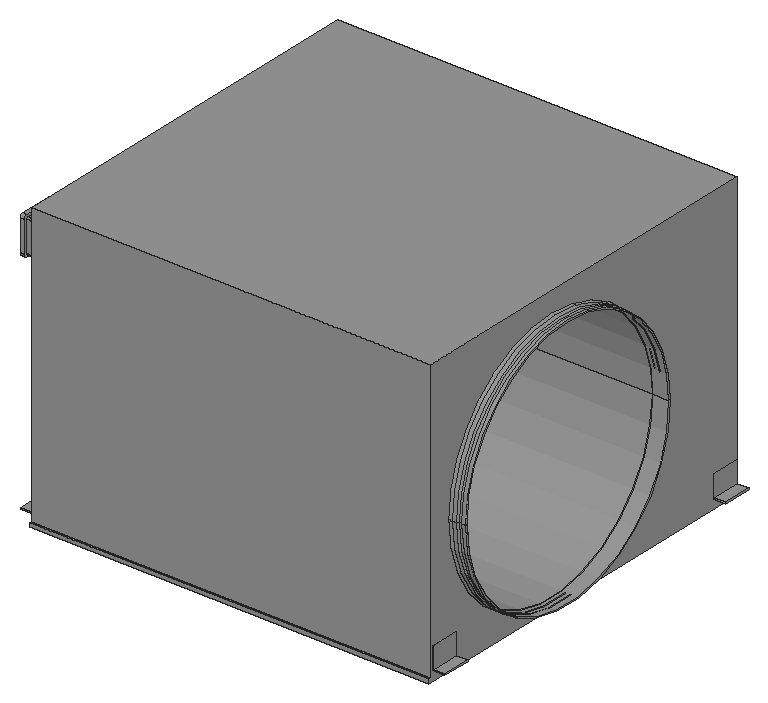
Revit family "IRE 630 D3 ErP AC", category Mechanical Equipment, Revit 2014
Parameters (values of type "IRE 630 D3 ErP AC")
  Wiring diagram = "Y 4040004 / Δ 4040003"
  Width = 1067 mm
  Weight = 115.00 kg
  Voltage range = "380-415 V"
  Voltage = 400 V
  Speed = "870 rpm"
  Sound pressure level at 3 m = "51 dB(A)"
  Power = 4000 W
  Phase = 3
  Max. temperature of transported air when speed controlled = 50 °C
  Max. temperature of transported air = 60 °C
  Main Material = Steel, Galvanized
  Height = 703 mm
  Frequency = 50 Hz
  Elevation [instance] = 2600 mm
  Diameter = 630 mm
  Description = "Insulated duct fans with circular connections"
  Depth = 955 mm
  Current = 7 A
  Capacitor = "- μF"
Reference planes
  plane 1 "Center (Front/Back)": y = 0
  plane 2: z = 0
  plane 3 "Center (Left/Right)": x = 0
  plane 4: z = 2600
Dimensions and locks
  "Elevation": plane 4 to plane 2
  aligned and locked: level to plane 2
  aligned and locked: nested 1 to plane 4
  aligned and locked: plane 3 "Center (Left/Right)" to nested 1
  aligned and locked: plane 1 "Center (Front/Back)" to nested 1
  aligned and locked: nested 1 to nested 2  (x2)
Nested families
  nested 1: "IRE" at (0, 0, 2600), type "IRE"
  nested 2: "Flow direction symbol" at (0, 0, 0), type "Flow direction symbol"
Connectors
  hvac at (-533.5, -101.5, 2937), driven by "Diameter"
    settings: on nested 1, index 1, duct flow 0.0 L/s, flow factor 0, pres drop 0.0 Pa, loss coef 0, conn angle 0.00°, conn width 304.8 mm, conn height 304.8 mm, conn diameter 630 mm, duct sys type 1, conn prof type 0, flow config 0, flow direction 1, loss method 0, conn ref index -1, conn util no, is conn primary yes, conn desc ""
  electrical at (-533.5, -408, 3219.5), driven by "Phase", driven by "Voltage", driven by "Power"
    settings: on nested 1, index 2, voltage 400 V, apparent load 0 VA, apparent load phase1 4000 VA, apparent load phase2 0 VA, apparent load phase3 0 VA, power factor 1, load classification "HVAC", number of poles 3, system type 31, power factor state 1, is connector primary yes, connector utility no, sub classification motor no, connector description ""
  hvac at (533.5, -101.5, 2937), driven by "Diameter"
    settings: on nested 1, index 3, duct flow 0.0 L/s, flow factor 0, pres drop 0.0 Pa, loss coef 0, conn angle 0.00°, conn width 304.8 mm, conn height 304.8 mm, conn diameter 630 mm, duct sys type 3, conn prof type 0, flow config 0, flow direction 2, loss method 0, conn ref index -1, conn util no, is conn primary no, conn desc ""
Definition of nested family "IRE"
  Parameters (values of type "IRE")
    Width = 1067 mm
    Main Material = Steel, Galvanized
    Height = 703 mm
    Description = ""
    Depth = 955 mm
  Reference planes
    plane 1 "Center (Front/Back)": y = 0
    plane 2: z = 0
    plane 3 "Center (Left/Right)": x = 0
    plane 4: z = 703
    plane 5 "Horizontal Pipe Axis": z = 337
    plane 6: z = 10
    plane 7: z = 693
    plane 8: x = -492
    plane 9: x = 492
    plane 10: x = -533.5
    plane 11: x = 533.5
    plane 12: y = 477.5
    plane 13: y = -477.5
    plane 14 "Vertical Pipe Axis": y = -101.5
    plane 15: x = -523.5
  Forms (mm)
    Extrusion 1, solid, material "Steel, Galvanized" <- "Main Material", detail levels medium+fine
      sketch origin (0, 0, 0) x (0, 1, 0) y (0, 0, 1)
        loop
          line (-477.5, 0) -> (477.5, 0) -> (477.5, 10) -> (472.5, 10) -> (472.5, 11) -> (472.5, 703) -> (-472.5, 703) -> (-472.5, 10) -> (-477.5, 10) -> (-477.5, 0)
      from -492 to 492
    Extrusion 2, void
      sketch origin (0, 0, 0) x (0, 1, 0) y (0, 0, 1)
        loop
          circle (-101.5, 337) r 312.5
      from -809.837 to 685.981
    Extrusion 3, solid, material "Steel, Galvanized" <- "Main Material", detail levels coarse
      sketch origin (0, 0, 0) x (0, 1, 0) y (0, 0, 1)
        loop
          circle (-101.5, 337) r 315
      from 492 to 533.5
    Extrusion 4, solid, material "Steel, Galvanized" <- "Main Material", detail levels coarse
      sketch origin (0, 0, 0) x (0, 1, 0) y (0, 0, -1)
        loop
          circle (-101.5, -337) r 315
      from 492 to 533.5
    Revolve 5, solid, material "Steel, Galvanized" <- "Main Material", detail levels medium+fine
      sketch origin (0, 0, 337) x (-1, 0, 0) y (0, -1, 0)
        loop
          line (533.5, 101.5) -> (492, 101.5) -> (492, -214.125)
          arc (492, -214.125) -> (496.25, -216.125) -> (500.5, -214.125) r 5.516
          line (500.5, -214.125) -> (512.875, -214.125) -> (515.5, -211.5) -> (525.5, -211.5) -> (525.5, -213.5) -> (533.5, -213.5) -> (533.5, 101.5)
        axis (492, 101.5) -> (533.5, 101.5)
      angle from 0 to 360
    Extrusion 6, solid, material "Steel, Galvanized" <- "Main Material", detail levels coarse
      sketch origin (0, 0, 0) x (0, 1, 0) y (0, 0, 1)
        loop
          line (477.5, 703) -> (-477.5, 703) -> (-477.5, 0) -> (477.5, 0) -> (477.5, 703)
      from -492 to 492
    Sweep 7, solid, material "Plastic, Opaque White", detail levels medium+fine
      path origin (0, 0, 0) x (1, 0, 0) y (0, 1, 0)
        loop
          line (-523.5, 467.5) -> (-533.5, 467.5)
      profile origin (-528.5, 467.5, 0) x (0, -1, 0) y (0, 0, 1)
        loop
          arc (837.073, 666) -> (831.365, 663.635) -> (829, 657.927) r 8.073
          line (829, 657.927) -> (829, 581.073)
          arc (829, 581.073) -> (831.365, 575.365) -> (837.073, 573) r 8.073
          line (837.073, 573) -> (913.927, 573)
          arc (913.927, 573) -> (919.635, 575.365) -> (922, 581.073) r 8.073
          line (922, 581.073) -> (922, 657.927)
          arc (922, 657.927) -> (919.635, 663.635) -> (913.927, 666) r 8.073
          line (913.927, 666) -> (837.073, 666)
    Sweep 8, solid, material "Plastic, Opaque White", detail levels medium+fine
      path origin (0, 0, 0) x (1, 0, 0) y (0, 1, 0)
        loop
          line (-523.5, 426) -> (-492, 426)
      profile origin (-507.75, 426, 0) x (0, 1, 0) y (0, 0, 1)
        loop
          line (-795.573, 661) -> (-872.427, 661)
          arc (-872.427, 661) -> (-874.6, 660.1) -> (-875.5, 657.927) r 3.073
          line (-875.5, 657.927) -> (-875.5, 581.073)
          arc (-875.5, 581.073) -> (-874.6, 578.9) -> (-872.427, 578) r 3.073
          line (-872.427, 578) -> (-795.573, 578)
          arc (-795.573, 578) -> (-793.4, 578.9) -> (-792.5, 581.073) r 3.073
          line (-792.5, 581.073) -> (-792.5, 657.927)
          arc (-792.5, 657.927) -> (-793.4, 660.1) -> (-795.573, 661) r 3.073
    Revolve 9, solid, material "Steel, Galvanized" <- "Main Material", detail levels medium+fine
      sketch origin (0, 0, 337) x (1, 0, 0) y (0, -1, 0)
        loop
          line (533.5, 101.5) -> (492, 101.5) -> (492, -214.125)
          arc (492, -214.125) -> (496.25, -216.125) -> (500.5, -214.125) r 5.516
          line (500.5, -214.125) -> (512.875, -214.125) -> (515.5, -211.5) -> (525.5, -211.5) -> (525.5, -213.5) -> (533.5, -213.5) -> (533.5, 101.5)
        axis (492, 101.5) -> (533.5, 101.5)
      angle from 0 to 360
    Sweep 10, solid, material "Steel, Galvanized" <- "Main Material", detail levels medium+fine
      path origin (-492, 466.36, 1200) x (0, 1, 0) y (0, 0, 1)
        loop
          line (1.14, -1190) -> (-68.86, -1190)
      profile origin (-492, 432.5, 10) x (0, 0, -1) y (1, 0, 0)
        loop
          line (-15, -31.5) -> (-15, 0) -> (-70, 0) -> (-70, -3) -> (-18, -3) -> (-18, -31.5) -> (-15, -31.5)
    Sweep 11, solid, material "Steel, Galvanized" <- "Main Material", detail levels medium+fine
      path origin (-492, -466.36, 1200) x (0, -1, 0) y (0, 0, -1)
        loop
          line (1.14, 1190) -> (-68.86, 1190)
      profile origin (-492, -432.5, 10) x (0, 0, 1) y (1, 0, 0)
        loop
          line (15, -31.5) -> (18, -31.5) -> (18, -3) -> (70, -3) -> (70, 0) -> (15, 0) -> (15, -31.5)
    Sweep 12, solid, material "Steel, Galvanized" <- "Main Material", detail levels medium+fine
      path origin (492, 466.36, 1200) x (0, 1, 0) y (0, 0, 1)
        loop
          line (1.14, -1190) -> (-68.86, -1190)
      profile origin (492, 432.5, 10) x (0, 0, 1) y (-1, 0, 0)
        loop
          line (15, -31.5) -> (18, -31.5) -> (18, -3) -> (70, -3) -> (70, 0) -> (15, 0) -> (15, -31.5)
    Sweep 13, solid, material "Steel, Galvanized" <- "Main Material", detail levels medium+fine
      path origin (492, 466.36, 1200) x (0, 1, 0) y (0, 0, 1)
        loop
          line (-933.86, -1190) -> (-863.86, -1190)
      profile origin (492, -432.5, 10) x (0, 0, -1) y (-1, 0, 0)
        loop
          line (-15, -31.5) -> (-15, 0) -> (-70, 0) -> (-70, -3) -> (-18, -3) -> (-18, -31.5) -> (-15, -31.5)
  Cuts and joins
    Extrusion 2 cuts Extrusion 1
    joined: Sweep 7, Sweep 8
    Extrusion 2 cuts Revolve 5
    Extrusion 2 cuts Revolve 9
  Dimensions and locks
    equal spacing: plane 10, plane 3 "Center (Left/Right)", plane 11
    "Width": plane 10 to plane 11
    "Height": plane 4 to level
    locked: plane 4 to plane 7 at 10
    locked: plane 10 to plane 15 at 10
    locked: plane 10 to plane 8 at 41.5
    locked: plane 9 to plane 11 at 41.5
    "Depth": plane 13 to plane 12
    locked: plane 14 "Vertical Pipe Axis" to Revolve 5 sketch curve at 315
    locked: plane 14 "Vertical Pipe Axis" to Revolve 5 sketch curve at 313
    plane 14 "Vertical Pipe Axis" to Revolve 5 sketch curve = 315.625 mm
    locked: Revolve 9 sketch curve to plane 14 "Vertical Pipe Axis" at 315.625
    locked: Revolve 9 sketch curve to plane 14 "Vertical Pipe Axis" at 313
    locked: Revolve 9 sketch curve to plane 14 "Vertical Pipe Axis" at 315
    plane 12 to Sweep 10 sketch curve to Sweep 10 sketch curve = 10 mm locked, 70 mm locked
    equal spacing: plane 13, plane 1 "Center (Front/Back)", plane 12
    locked: Sweep 11 sketch curve to Sweep 11 sketch curve at 70
    locked: Sweep 11 sketch curve to plane 13 at 10
    locked: Sweep 12 sketch curve to Sweep 12 sketch curve at 70
    locked: Sweep 13 sketch curve to Sweep 13 sketch curve at 70
    locked: Sweep 13 sketch curve to plane 13 at 10
    locked: plane 12 to Sweep 12 sketch curve at 10
    plane 13 to plane 14 "Vertical Pipe Axis" = 376 mm
    plane 4 to plane 5 "Horizontal Pipe Axis" = 366 mm
    aligned and locked: level to plane 2
    aligned and locked: Extrusion 1 sketch curve to plane 13
    aligned and locked: plane 2 to Extrusion 1 sketch curve
    aligned and locked: Extrusion 1 sketch curve to plane 12
    aligned and locked: Extrusion 1 to plane 9
    aligned and locked: Extrusion 1 to plane 8
    aligned and locked: Extrusion 3 to plane 11
    aligned and locked: plane 9 to Extrusion 3
    aligned and locked: Extrusion 4 to plane 10
    aligned and locked: plane 8 to Extrusion 4
    aligned and locked: Extrusion 4 to plane 8
    aligned and locked: plane 4 to Extrusion 6 sketch curve
    aligned and locked: plane 12 to Extrusion 6 sketch curve
    aligned and locked: Extrusion 6 sketch curve to cut or joined group of Extrusion 1, Extrusion 2  (x2)
    aligned and locked: Extrusion 6 to plane 8
    aligned and locked: Extrusion 6 to plane 9
    aligned and locked: plane 10 to Sweep 7 sketch curve
    aligned and locked: plane 15 to Sweep 7 sketch curve
    aligned and locked: plane 8 to Sweep 8 sketch curve
    aligned and locked: plane 15 to Sweep 8 sketch curve
    aligned and locked: Revolve 5 sketch curve to plane 14 "Vertical Pipe Axis"  (x2)
    aligned and locked: plane 9 to Revolve 9 sketch curve
    aligned and locked: Revolve 9 sketch curve to plane 11
    aligned and locked: plane 14 "Vertical Pipe Axis" to Revolve 9 sketch curve  (x2)
    aligned and locked: plane 6 to Sweep 11 sketch curve
    aligned and locked: plane 6 to Sweep 13 sketch curve
    aligned and locked: Sweep 12 sketch curve to plane 6
  Automatic sketch dimensions
    Extrusion 1 sketch curve to plane 4 = 0 mm
    Extrusion 1 sketch curve to plane 6 = 0 mm  (x2)
    Extrusion 1 sketch curve to plane 13 = 5 mm
    Extrusion 1 sketch curve to plane 12 = 5 mm
    plane 6 to Extrusion 1 sketch curve = 1 mm
    Extrusion 2 sketch curve to plane 5 "Horizontal Pipe Axis" = 0 mm
    Extrusion 2 sketch curve to plane 14 "Vertical Pipe Axis" = 0 mm
    Extrusion 3 sketch curve to plane 5 "Horizontal Pipe Axis" = 0 mm
    Extrusion 3 sketch curve to plane 14 "Vertical Pipe Axis" = 0 mm
    Extrusion 4 sketch curve to plane 5 "Horizontal Pipe Axis" = 0 mm
    Extrusion 4 sketch curve to plane 14 "Vertical Pipe Axis" = 0 mm
    Revolve 5 sketch curve to plane 8 = 0 mm  (x2)
    Revolve 5 sketch curve to plane 10 = 0 mm
    Revolve 5 sketch curve to plane 8 = 4.25 mm
    Revolve 5 sketch curve to Revolve 5 sketch curve = 4.25 mm
    plane 15 to Revolve 5 sketch curve = 10.625 mm
    Revolve 5 sketch curve to Revolve 5 sketch curve = 2.625 mm
    Revolve 5 sketch curve to plane 15 = 2 mm
    Revolve 5 sketch curve to Revolve 5 sketch curve = 3.515 mm
    Revolve 5 sketch curve to Revolve 5 sketch curve = 93.5 mm
    Sweep 7 sketch curve to plane 12 = 10 mm
    Sweep 7 sketch curve to profile plane = 829 mm
    Sweep 7 sketch curve to Sweep 7 sketch curve = 8.073 mm  (x3)
    Sweep 7 sketch curve to Sweep 7 sketch curve = 76.854 mm  (x3)
    level to Sweep 7 sketch curve = 573 mm
    Sweep 8 sketch curve to plane 12 = 51.5 mm
    profile plane to Sweep 8 sketch curve = 875.5 mm
    Sweep 8 sketch curve to Sweep 8 sketch curve = 3.073 mm  (x3)
    Sweep 8 sketch curve to Sweep 8 sketch curve = 76.854 mm  (x2)
    Sweep 8 sketch curve to Sweep 8 sketch curve = 0 mm
    level to Sweep 8 sketch curve = 578 mm
    Revolve 9 sketch curve to plane 9 = 0 mm
    plane 9 to Revolve 9 sketch curve = 4.25 mm
    Revolve 9 sketch curve to Revolve 9 sketch curve = 4.25 mm
    Revolve 9 sketch curve to Revolve 9 sketch curve = 12.375 mm
    Revolve 9 sketch curve to Revolve 9 sketch curve = 2.625 mm
    Revolve 9 sketch curve to Revolve 9 sketch curve = 8 mm
    Revolve 9 sketch curve to Revolve 9 sketch curve = 3.515 mm
    plane 11 to Revolve 9 sketch curve = 93.5 mm
    Sweep 10 sketch curve to plane 6 = 0 mm
    Sweep 10 sketch curve to plane 8 = 0 mm
    profile plane to Sweep 10 sketch curve = 70 mm
    Sweep 10 sketch curve to plane 8 = 3 mm
    profile plane to Sweep 10 sketch curve = 18 mm
    Sweep 10 sketch curve to Sweep 10 sketch curve = 3 mm
    Sweep 10 sketch curve to Sweep 10 sketch curve = 28.5 mm
    Sweep 11 sketch curve to plane 8 = 0 mm
    Sweep 11 sketch curve to profile plane = 15 mm
    Sweep 11 sketch curve to Sweep 11 sketch curve = 3 mm
    Sweep 11 sketch curve to Sweep 11 sketch curve = 52 mm
    Sweep 11 sketch curve to plane 8 = 3 mm
    Sweep 11 sketch curve to Sweep 11 sketch curve = 28.5 mm
    profile plane to Sweep 12 sketch curve = 0 mm
    Sweep 12 sketch curve to profile plane = 15 mm
    Sweep 12 sketch curve to Sweep 12 sketch curve = 3 mm  (x2)
    Sweep 12 sketch curve to Sweep 12 sketch curve = 52 mm
    Sweep 12 sketch curve to Sweep 12 sketch curve = 28.5 mm
    profile plane to Sweep 13 sketch curve = 0 mm
    profile plane to Sweep 13 sketch curve = 70 mm
    Sweep 13 sketch curve to profile plane = 3 mm
    profile plane to Sweep 13 sketch curve = 18 mm
    Sweep 13 sketch curve to Sweep 13 sketch curve = 3 mm
    Sweep 13 sketch curve to Sweep 13 sketch curve = 28.5 mm
    radius of Extrusion 2 sketch curve = 312.5 mm
    radius of Extrusion 3 sketch curve = 315 mm
    radius of Extrusion 4 sketch curve = 315 mm
Definition of nested family "Flow direction symbol"
  Parameters (values of type "Flow direction symbol")
    Warning = "!"
    Text = "DIMENSIONS OVERCONSTRAINT"
  Reference planes
    plane 1: y = 0
    plane 2: x = 0
  Lines and regions (mm)
    detail lines
      curve 1: line (-0.506, 0.877, 0) -> (-0.506, -0.877, 0)
      curve 2: line (1.012, 0, 0) -> (-0.506, -0.877, 0)
      curve 3: line (-0.506, 0.877, 0) -> (1.012, 0, 0)
      curve 4: circle (0, 0, 0) r 1 normal (0, 0, 1)
